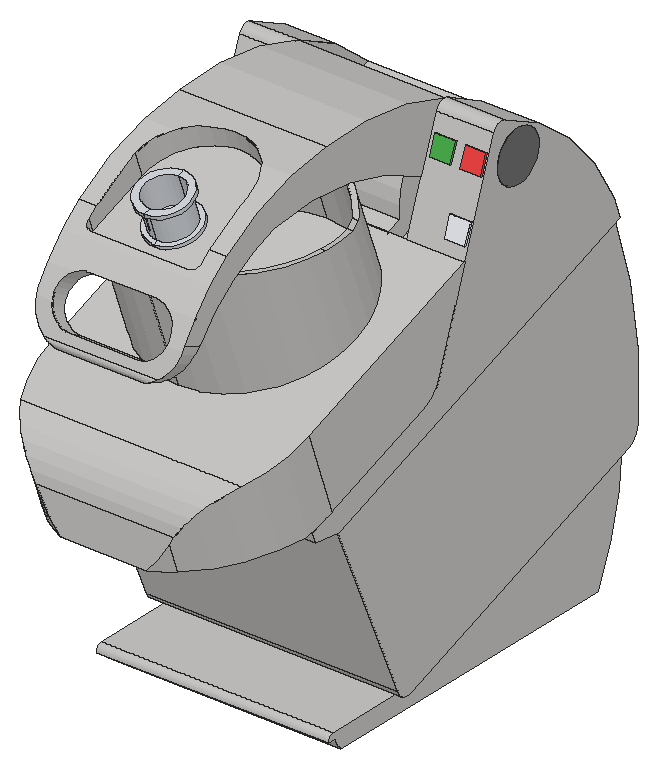
Revit family "QF_ELECTROLUXPROFESSIONAL_600461_TRSYVVA", category Specialty Equipment, Revit 2018
Family settings
  Round Connector Dimension = Use Diameter
  Part Type = Normal
  Work Plane-Based = No
  Always vertical = Yes
  Cut with Voids When Loaded = No
  Shared = No
  Room Calculation Point = No
Parameters (values of type "Standard")
  Weight = 23.00 kg
  Watts = 0 W
  Volts = 200 V
  URL Manufacturer = "http://professional.electrolux.com"
  URL = "http://professional.electrolux.com"
  Steam Supply Size = 0 mm
  Steam Supply Minimum Pressure = 0.0 Pa
  Steam Supply Maximum Pressure = 0.0 Pa
  Steam Pounds per Hour = 0
  Refrigeration Suction Line Size = 0 mm
  Refrigeration Liquid Line Size = 0 mm
  Refrigerant Compressor Remote = yes
  Manufacturer = "Electrolux Professional"
  Phase = 1
  Model = "TRSYVVA"
  Length Actual = 252 mm  # constant formula
  Item Number = "600461"
  Hot Water Size = 0 mm
  Height Actual = 515 mm  # constant formula
  HP = "0.7 HP"
  Gas Size = 0 mm
  Gas KW = 0
  Gas Input Pressure = 0 W
  Direct Waste Size = 0 mm
  Description = "VEGETABLE SLICER+LEV HOPPER-VARIAB.SPEED-AUSTRALIA"
  Depth Actual = 500 mm  # constant formula
  Cycle = 50 Hz
  Condensate Return Size = 0 mm
  Compressed Air Volume = 0.0 L/s
  Compressed Air Size = 0 mm
  Compressed Air Pressure = 0.0 Pa
  Cold Water Size = 0 mm
  Accessory = yes
Reference planes
  plane 1 "Center (Front/Back)": y = 0
  plane 2: z = 0
  plane 3 "Center (Left/Right)": x = 0
  plane 4 "BASE": through (-1506.947, -1354.442, -482.669) normal (0, -0.342, 0.9397)
  plane 5 "TOP": z = 780
  plane 6 "FRONT": y = -250
  plane 7 "BACK": y = 250
  plane 8 "LEFT": x = -126
  plane 9 "RIGHT": x = 126
  plane 10 "BaseSup": through (4267.2, -355.454, 143.983) normal (0, -0.342, 0.9397)
  plane 11 "TopCylinder": z = 502
  plane 12 "panel": through (4267.2, 37.396, 376.789) normal (0, -0.9397, 0.342)
  plane 13 "TAN1": through (4267.2, -242.8, 386.84) normal (0, -0.868, 0.4965)
  plane 14 "cx": x = -4.392
Forms (mm)
  Extrusion 1, solid, material "QF_Finishes_Stainless Steel"
    sketch origin (0, 71.755, 29.173) x (0, 0.939693, 0.34202) y (0, -0.34202, 0.939693)
      loop
        line (194.125, 30) -> (-100, 30) -> (-172.671, 56.45)
        arc (-172.671, 56.45) -> (-177.706, 56.23) -> (-181.11, 52.515) r 6.584
        line (-181.11, 52.515) -> (-172.825, 49.499)
        arc (-172.825, 49.499) -> (-173.282, 42.917) -> (-170.601, 36.887) r 13.662
        line (-170.601, 36.887) -> (125.402, -70.849)
        arc (125.402, -70.849) -> (140.415, -55.659) -> (154.125, -39.282) r 258.806
        arc (154.125, -39.282) -> (176.416, -5.964) -> (194.125, 30) r 303.676
    from -114.1 to 114.1
  Extrusion 2, solid, material "QF_Finishes_Stainless Steel"
    sketch origin (0, 71.755, 29.173) x (0, 0.939693, 0.34202) y (0, -0.34202, 0.939693)
      loop
        arc (-117.754, 231.836) -> (-115.421, 136.806) -> (-106.378, 42.177) r 1344.145
        arc (-106.378, 42.177) -> (-102.811, 33.567) -> (-94.2, 30) r 12.177
        line (-94.2, 30) -> (191.415, 30)
        arc (191.415, 30) -> (200.799, 34.052) -> (207.001, 42.177) r 20.212
        arc (207.001, 42.177) -> (237.263, 134.79) -> (245.906, 231.836) r 430.148
        line (245.906, 231.836) -> (-117.754, 231.836)
    from -123.6 to 123.2
  Extrusion 3, solid, material "QF_Finishes_Stainless Steel"
    sketch origin (0, 71.755, 29.173) x (0, 0.939693, 0.34202) y (0, -0.34202, 0.939693)
      loop
        line (-117.754, 231.836) -> (250, 231.836) -> (250, 254)
        arc (250, 254) -> (225.127, 344.7) -> (167.861, 419.303) r 244.524
        arc (167.861, 419.303) -> (160.498, 421.774) -> (153.587, 418.23) r 10
        line (153.587, 418.23) -> (25.432, 265.5)
        arc (25.432, 265.5) -> (14.376, 257.016) -> (0.77, 254) r 32.194
        line (0.77, 254) -> (-142.678, 254) -> (-142.678, 244) -> (-117.754, 231.836)
    from -125 to 125
  Extrusion 4, void
    sketch origin (0, 71.755, 29.173) x (0, 0.939693, 0.34202) y (0, -0.34202, 0.939693)
      loop
        line (146.605, 338.403) -> (228.145, 338.403)
        arc (228.145, 338.403) -> (202.221, 381.996) -> (167.861, 419.303) r 244.524
        arc (167.861, 419.303) -> (160.498, 421.774) -> (153.587, 418.23) r 10
        line (153.587, 418.23) -> (72.34, 321.403) -> (146.605, 321.403) -> (146.605, 338.403)
    from -76.755 to 68.071
  Extrusion 5, solid, material "QF_Finishes_Stainless Steel"
    sketch origin (0, 71.755, 29.173) x (0, 0.939693, 0.34202) y (0, -0.34202, 0.939693)
      loop
        line (86.605, 338.403) -> (69.605, 321.403) -> (146.605, 321.403) -> (146.605, 338.403) -> (138.179, 338.403) -> (138.179, 369.367)
        arc (138.179, 369.367) -> (147.784, 373.474) -> (158.149, 372.174) r 19.987
        arc (158.149, 372.174) -> (156.791, 382.001) -> (162.888, 389.826) r 12.748
        arc (162.888, 389.826) -> (123.302, 374.774) -> (101.605, 338.403) r 64.447
        line (101.605, 338.403) -> (86.605, 338.403)
    from -65 to 50
  Extrusion 6, solid, material "QF_Finishes_Stainless Steel"
    sketch origin (539, 71.755, 29.173) x (0, -0.939693, -0.34202) y (0, -0.34202, 0.939693)
      loop
        circle (-169.102, 378.696) r 12.748
    from 489 to 604
  Extrusion 7, solid, material "QF_Finishes_Rubber Black"
    sketch origin (0, 71.755, 29.173) x (0, 0.939693, 0.34202) y (0, -0.34202, 0.939693)
      loop
        circle (169.102, 378.696) r 25
    from 125 to 126.6
  Extrusion 8, solid, material "QF_Finishes_Green"
    sketch origin (-10, -113.728, -38.42) x (0, -0.34202, -0.939693) y (1, 0, 0)
      loop
        line (-529.862, 82.865) -> (-509.862, 82.865) -> (-509.862, 102.865) -> (-529.862, 102.865) -> (-529.862, 82.865)
    from 0 to 1.6
  Extrusion 9, solid, material "QF_Finishes_Red"
    sketch origin (20, -113.728, -38.42) x (0, -0.34202, -0.939693) y (1, 0, 0)
      loop
        line (-529.862, 82.865) -> (-509.862, 82.865) -> (-509.862, 102.865) -> (-529.862, 102.865) -> (-529.862, 82.865)
    from 0 to 1.6
  Extrusion 10, solid, material "QF_Finishes_White"
    sketch origin (19.976, -149.421, -75.636) x (0, -0.34202, -0.939693) y (1, 0, 0)
      loop
        line (-521.192, 82.865) -> (-501.192, 82.865) -> (-501.192, 102.865) -> (-521.192, 102.865) -> (-521.192, 82.865)
    from 0 to 1.6
  Extrusion 11, solid, material "QF_Finishes_Rubber Black"
    sketch origin (-20, -306.935, 99.376) x (0, -1, 0) y (1, 0, 0)
      loop
        circle (-230.144, 103.748) r 10
      loop
        circle (-230.144, -61.252) r 10
    from 9.274 to 3.787
  Extrusion 12, void
    sketch origin (-20.94, 306.731, 139.428) x (-1, 0, 0) y (0, -0.34202, 0.939693)
      loop
        circle (-20.94, 196.093) r 10
    from -1.916 to -26.433
  Extrusion 13, solid, material "QF_Finishes_Stainless Steel"
    sketch origin (-20.94, 306.678, 139.573) x (-1, 0, 0) y (0, -0.34202, 0.939693)
      loop
        circle (-20.94, 195.939) r 9.999
    from -8.514 to -26.433
  Extrusion 14, solid, material "QF_Finishes_Stainless Steel"
    sketch origin (0, -15.119, 267.855) x (0, -0.939693, -0.34202) y (1, 0, 0)
      loop
        line (-86.605, -125) -> (117.754, -125)
        arc (117.754, -125) -> (182.577, -108.838) -> (232.224, -64.135) r 138.076
        arc (232.224, -64.135) -> (246.337, -33.516) -> (250, 0) r 104.824
        arc (250, 0) -> (246.337, 33.516) -> (232.224, 64.135) r 104.824
        arc (232.224, 64.135) -> (182.577, 108.838) -> (117.754, 125) r 138.076
        line (117.754, 125) -> (-86.605, 125) -> (-86.605, -125)
    from 0 to 84.403
  Extrusion 15, void
    sketch origin (0, 71.755, 29.173) x (0, 0.939693, 0.34202) y (0, -0.34202, 0.939693)
      loop
        line (-148.177, 254) -> (-243.49, 272.527) -> (-229.509, 307.133)
        arc (-229.509, 307.133) -> (-211.109, 329.855) -> (-183.149, 338.403) r 50
        line (-183.149, 338.403) -> (-263.395, 338.403) -> (-263.395, 254) -> (-148.177, 254)
      loop
        line (86.605, 338.403) -> (25.432, 265.5)
        arc (25.432, 265.5) -> (14.376, 257.016) -> (0.77, 254) r 32.194
        line (0.77, 254) -> (86.605, 254) -> (86.605, 338.403)
    from -156.555 to 144.79
  Extrusion 16, solid, material "QF_Finishes_Rubber Black"
    sketch origin (-20, -28.598, 99.376) x (0, -1, 0) y (1, 0, 0)
      loop
        circle (-230.144, 103.748) r 10
      loop
        circle (-230.144, -61.252) r 10
    from 9.274 to 3.787
  Extrusion 17, solid, material "QF_Finishes_Stainless Steel"
    sketch origin (0, 0, 0) x (0, 1, 0) y (0, 0, 1)
      loop
        arc (-237.987, 360.286) -> (-193.334, 422.101) -> (-125.907, 457.716) r 167.502
        arc (-125.907, 457.716) -> (-32.614, 457.202) -> (54.785, 424.565) r 266.494
        line (54.785, 424.565) -> (73.036, 474.711)
        arc (73.036, 474.711) -> (77.269, 479.853) -> (83.792, 481.198) r 10
        arc (83.792, 481.198) -> (12.917, 500.705) -> (-60.594, 500.999) r 278.64
        arc (-60.594, 500.999) -> (-125.023, 488.463) -> (-183.511, 458.675) r 236.13
        arc (-183.511, 458.675) -> (-222.818, 420.732) -> (-248.457, 372.49) r 174.407
        arc (-248.457, 372.49) -> (-249.83, 368.135) -> (-247.05, 364.513) r 4.945
        line (-247.05, 364.513) -> (-237.987, 360.286)
    from -76.755 to 68.071
  Extrusion 18, void
    sketch origin (0, -252.846, 369.279) x (0, -0.496521, -0.868025) y (1, 0, 0)
      loop
        line (-13.723, -36.755) -> (-13.723, 28.071)
        arc (-13.723, 28.071) -> (-38.723, 53.071) -> (-63.723, 28.071) r 25
        line (-63.723, 28.071) -> (-63.723, -36.755)
        arc (-63.723, -36.755) -> (-38.723, -61.755) -> (-13.723, -36.755) r 25
    from -148.493 to 7.125
  Extrusion 19, void
    sketch origin (0, -88.076, 32.057) x (0, -0.34202, -0.939693) y (1, 0, 0)
      loop
        line (-257.162, 68.071) -> (-297.162, 68.071)
        arc (-297.162, 68.071) -> (-268.878, 56.356) -> (-257.162, 28.071) r 40
        line (-257.162, 28.071) -> (-257.162, 68.071)
      loop
        line (-257.162, -76.755) -> (-257.162, -36.755)
        arc (-257.162, -36.755) -> (-268.878, -65.039) -> (-297.162, -76.755) r 40
        line (-297.162, -76.755) -> (-257.162, -76.755)
    from 233.374 to 280.473
  Extrusion 20, void
    sketch origin (0, -73.76, 246.511) x (0, -0.939693, -0.34202) y (1, 0, 0)
      loop
        spline (50.415, 43.499) -> (50.302, 44.538) -> (50.07, 45.551) -> (49.722, 46.523) -> (49.265, 47.436) -> (48.705, 48.278) -> (48.053, 49.034) -> (47.317, 49.692) -> (46.511, 50.241) -> (45.647, 50.674) -> (44.738, 50.981) -> (43.801, 51.16) -> (42.848, 51.221)
        line (42.848, 51.221) -> (-21.826, 51.221)
        arc (-21.826, 51.221) -> (-77.476, -4.429) -> (-21.826, -60.078) r 55.65
        line (-21.826, -60.078) -> (42.849, -60.064)
        spline (42.849, -60.064) -> (43.796, -60.017) -> (44.73, -59.836) -> (45.637, -59.525) -> (46.5, -59.088) -> (47.306, -58.532) -> (48.042, -57.867) -> (48.695, -57.103) -> (49.256, -56.253) -> (49.715, -55.331) -> (50.065, -54.351) -> (50.3, -53.329) -> (50.415, -52.283)
        line (50.415, -52.283) -> (50.415, 43.499)
    from 219.928 to 259.975
  Extrusion 21, void
    sketch origin (0, -87.856, 241.381) x (0, -0.939693, -0.34202) y (1, 0, 0)
      loop
        circle (-4.976, -4.429) r 22.5
    from 184.171 to 259.975
  Extrusion 22, solid, material "QF_Finishes_Stainless Steel"
    sketch origin (0, -57.13, 252.564) x (0, -0.939693, -0.34202) y (1, 0, 0)
      loop
        circle (-27.476, -4.429) r 100
      loop
        circle (-27.476, -4.429) r 95
    from 84.403 to 219.928
  Extrusion 23, void
    sketch origin (539, 0, 0) x (0, -1, 0) y (0, 0, 1)
      loop
        line (-7.229, 448.453) -> (38.883, 431.669) -> (53.883, 431.669) -> (97.232, 435.738) -> (172.232, 435.738) -> (200.5, 434.424) -> (12.562, 502.828) -> (-7.229, 448.453)
    from 424.9 to 664
  Revolve 24, solid
    sketch origin (-4.392, 0, 0) x (0, 1, 0) y (0, 0, 1)
      loop
        line (-159.523, 452.833) -> (-177.266, 446.376) -> (-188.766, 477.973) -> (-195.199, 475.631) -> (-193.959, 472.225) -> (-189.261, 473.935) -> (-179, 445.744) -> (-183.698, 444.034) -> (-182.575, 440.948) -> (-179.543, 442.052) -> (-133.191, 314.7) -> (-112.048, 322.396) -> (-159.523, 452.833)
      axis (-112.048, 322.396) -> (-171.023, 484.431)
    angle from 0 to 360
  Extrusion 25, solid, material "QF_Door-Drawer Clearances", detail levels coarse
    sketch origin (0, -259.129, 728.467) x (0, -0.462376, -0.886684) y (0, 0.886684, -0.462376)
      loop
        arc (-237.987, 360.286) -> (-193.334, 422.101) -> (-125.907, 457.716) r 167.502
        arc (-125.907, 457.716) -> (-32.614, 457.202) -> (54.785, 424.565) r 266.494
        line (54.785, 424.565) -> (59.562, 427.056)
        arc (59.562, 427.056) -> (59.025, 458.234) -> (62.46, 489.226) r 244.524
        arc (62.46, 489.226) -> (1.594, 502.023) -> (-60.594, 500.999) r 278.64
        arc (-60.594, 500.999) -> (-125.023, 488.463) -> (-183.511, 458.675) r 236.13
        arc (-183.511, 458.675) -> (-222.818, 420.732) -> (-248.457, 372.49) r 174.407
        arc (-248.457, 372.49) -> (-249.83, 368.135) -> (-247.05, 364.513) r 4.945
        line (-247.05, 364.513) -> (-237.987, 360.286)
    from -76.755 to 68.071
  Extrusion 26, solid, material "QF_Door-Drawer Clearances", detail levels coarse
    sketch origin (-4.392, 0, 0) x (0, 1, 0) y (0, 0, 1)
      loop
        arc (180.062, 780.324) -> (-149.234, 694.151) -> (-249.905, 368.994) r 350.321
        line (-249.905, 368.994) -> (-246.546, 377.767)
        arc (-246.546, 377.767) -> (-144.345, 691.9) -> (174.993, 776.44) r 345.321
        line (174.993, 776.44) -> (180.062, 780.324)
    from -60 to 60
Cuts and joins
  Extrusion 4, Extrusion 19, Extrusion 20, Extrusion 21 cuts Extrusion 3
  Extrusion 15, Extrusion 19, Extrusion 20, Extrusion 21 cuts Extrusion 14
  Extrusion 18, Extrusion 19, Extrusion 20, Extrusion 21 cuts Extrusion 17
  Extrusion 12, Extrusion 20, Extrusion 21 cuts Extrusion 2
  Extrusion 23 cuts Extrusion 22
Lines and regions (mm)
  model lines
    curve 1: line (-65, 80.335, 302.597) -> (50, 80.335, 302.597)
    curve 2: line (-65, 83.13, 303.615) -> (50, 83.13, 303.615)
Dimensions and locks
  plane 5 "TOP" to level = 780 mm
  plane 8 "LEFT" to plane 3 "Center (Left/Right)" to plane 9 "RIGHT" = 126 mm, 126 mm
  plane 7 "BACK" to plane 1 "Center (Front/Back)" to plane 6 "FRONT" = 250 mm, 250 mm
  plane 5 "TOP" to plane 2 = 780 mm
  plane 5 "TOP" to plane 11 "TopCylinder" = 278 mm
  plane 6 "FRONT" to plane 7 "BACK" = 500 mm
  plane 7 "BACK" to plane 6 "FRONT" = 500 mm
  plane 11 "TopCylinder" to level = 502 mm
  aligned and locked: level to plane 2
Connectors
  electrical at (0, 231.662, 320.783), driven by "Volts"
    settings: on Extrusion 13, index 1, voltage 200 V, apparent load 0 VA, apparent load phase1 0 VA, apparent load phase2 0 VA, apparent load phase3 0 VA, power factor 1, load classification "Other", number of poles 1, system type 30, power factor state 1, is connector primary yes, connector utility no, sub classification motor no, connector description "Electrical Connection"
